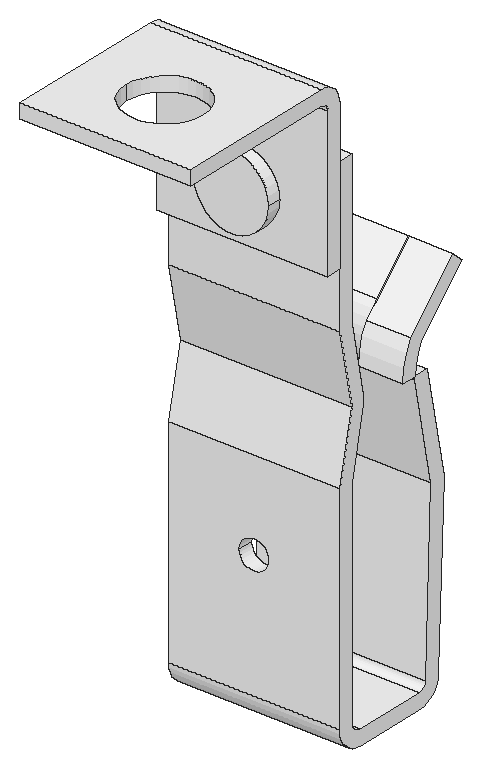
Revit family "フリーハンガー", category 機械設備, Revit 2020
Family settings
  丸型コネクタ寸法 = 直径を使用
  種別 = なし
  パーツ タイプ = 標準
  作業面ベース = いいえ
  常に垂直 = はい
  ロード時にボイドで切り取り = いいえ
  共有 = いいえ
  部屋計算ポイント = いいえ
Parameters
  製造元 = "株式会社桐井製作所"
  既定の高さ = 0 mm
  URL = "https://www.kirii.co.jp/"
  K_角度 [instance] = 90.00°
  K_材質 = "SGHC　一般用"
  K_品名 = "フリーハンガー"
  K_名称 = "その他ハンガー"
  K_入数 = "250"
  K_バージョン情報 = "20211012"
  K_めっき付着量 = "Z12"
  K_JIS規格 = "JIS G 3302"
Reference planes
  plane 1 "中心(正面/背面)": y = 0
  plane 2: z = 0
  plane 3 "中心(左/右)": x = 0
Forms (mm)
  Extrusion 1, solid
    sketch origin (0, -3.2, 0) x (0, 1, 0) y (0, 0, 1)
      loop
        line (3.2, -7) -> (3.2, 13)
        arc (3.2, 13) -> (2.321, 15.121) -> (0.2, 16) r 3
        line (0.2, 16) -> (-21.8, 16) -> (-21.8, 14) -> (0.2, 14)
        arc (0.2, 14) -> (0.907, 13.707) -> (1.2, 13) r 1
        line (1.2, 13) -> (1.2, -7) -> (3.2, -7)
    from -11.5 to 11.5
  Extrusion 2, solid
    sketch origin (0, 0, 0) x (1, 0, 0) y (0, 0, 1)
      loop
        circle (0, 0) r 5
    from 2 to 3.8
  Extrusion 3, void
    sketch origin (0, 1.737, 2) x (1, 0, 0) y (0, 1, 0)
      loop
        circle (0, -16.737) r 5.25
    from 12 to 14
Cuts and joins
  Extrusion 3 cuts Extrusion 1
  Extrusion 3 cuts Extrusion 2
  joined: Extrusion 1, Extrusion 2
Dimensions and locks
  "K_角度": angle nested 1 to plane 2
  aligned and locked: level to plane 2
Automatic sketch dimensions
  Extrusion 1 sketch curve to Extrusion 1 sketch curve = 0 mm  (x2)
  Extrusion 1 sketch curve to plane 1 "中心(正面/背面)" = 0 mm
  plane 1 "中心(正面/背面)" to Extrusion 1 sketch curve = 2 mm
  Extrusion 1 sketch curve to Extrusion 1 sketch curve = 1 mm
  Extrusion 1 sketch curve to Extrusion 1 sketch curve = 22 mm
  Extrusion 1 sketch curve to level = 7 mm
  level to Extrusion 1 sketch curve = 13 mm
  Extrusion 2 sketch curve to level = 0 mm
  Extrusion 2 sketch curve to plane 3 "中心(左/右)" = 0 mm
  Extrusion 3 sketch curve to plane 3 "中心(左/右)" = 0 mm
  plane 1 "中心(正面/背面)" to Extrusion 3 sketch curve = 15 mm
  radius of Extrusion 2 sketch curve = 5 mm
  radius of Extrusion 3 sketch curve = 5.25 mm
Nested families
  nested 1: "フリーハンガー下部金具" at (0, 2, 0), type "フリーハンガー下部金具"
Definition of nested family "フリーハンガー下部金具"
  Parameters (values of type "フリーハンガー下部金具")
    Manufacturer = "株式会社桐井製作所"
    Default Elevation = 0 mm
    URL = "https://www.kirii.co.jp/"
    K_名称 = "フリーハンガー下部金具"
    K_バージョン情報 = "20211012"
  Reference planes
    plane 1 "中心(正面/背面)": y = 0
    plane 2: z = 0
    plane 3 "中心(左/右)": x = 0
  Forms (mm)
    Extrusion 1, void
      sketch origin (0, -0.026, -64) x (1, 0, 0) y (0, 1, 0)
        loop
          line (-11.5, 19.214) -> (-11.5, 7.685) -> (-5.5, 7.685) -> (-5.5, 19.214) -> (-11.5, 19.214)
        loop
          line (5.5, 19.167) -> (5.5, 7.685) -> (11.5, 7.685) -> (11.5, 19.167) -> (5.5, 19.167)
      from 38.5 to 51.506
    Extrusion 2, solid
      sketch origin (0, 0, -64) x (1, 0, 0) y (0, 0, 1)
        loop
          circle (0, 63.915) r 3.5
      from -3.4 to 0
    Extrusion 3, void
      sketch origin (0, 0, -64) x (1, 0, 0) y (0, 0, 1)
        loop
          circle (0, 18.509) r 2
      from 0 to 2
    Extrusion 4, solid
      sketch origin (0, 0, -64) x (0, 1, 0) y (0, 0, 1)
        loop
          line (11.537, 0) -> (1.5, 0)
          arc (1.5, 0) -> (0.439, 0.439) -> (0, 1.5) r 1.5
          line (0, 1.5) -> (0, 30.372)
          arc (0, 30.372) -> (0.758, 34.673) -> (1.904, 38.888) r 48
          arc (1.904, 38.888) -> (2, 39.489) -> (1.911, 40.09) r 2
          arc (1.911, 40.09) -> (0.715, 44.795) -> (0, 49.596) r 48
          line (0, 49.596) -> (0, 70) -> (-2, 70) -> (-2, 49.5)
          arc (-2, 49.5) -> (-1.256, 44.449) -> (0, 39.5) r 50
          arc (0, 39.5) -> (-1.208, 35.046) -> (-2, 30.5) r 50
          line (-2, 30.5) -> (-2, 1.5)
          arc (-2, 1.5) -> (-0.975, -0.975) -> (1.5, -2) r 3.5
          line (1.5, -2) -> (11.611, -2)
          arc (11.611, -2) -> (13.692, -1.161) -> (14.609, 0.887) r 3
          line (14.609, 0.887) -> (15.494, 24.352) -> (12.637, 38.667)
          arc (12.637, 38.667) -> (12.017, 41.323) -> (13.197, 43.782) r 4.11
          line (13.197, 43.782) -> (18.5, 49.086) -> (17.086, 50.5) -> (11.823, 45.237)
          arc (11.823, 45.237) -> (10.103, 41.854) -> (10.709, 38.107) r 6.121
          line (10.709, 38.107) -> (13.425, 24.5) -> (12.536, 0.962)
          arc (12.536, 0.962) -> (12.231, 0.28) -> (11.537, 0) r 1
      from -11.5 to 11.5
    Extrusion 5, void
      sketch origin (0, 0.563, 0) x (1, 0, 0) y (0, 1, 0)
        loop
          circle (0, 6.038) r 2
      from -66 to -64
    Extrusion 6, void
      sketch origin (0, 3.144, -63.3) x (1, 0, 0) y (0, 1, 0)
        loop
          line (-5.5, 15.751) -> (-5.5, 4.568) -> (5.5, 4.568) -> (5.5, 15.751) -> (-5.5, 15.751)
      from 36.947 to 50.02
    Extrusion 7, solid
      sketch origin (0, 3.014, -63.3) x (0, 1, 0) y (0, 0, 1)
        loop
          line (15.5, 48.4) -> (14.072, 49.8) -> (7.001, 42.729)
          arc (7.001, 42.729) -> (6.024, 40.35) -> (5.686, 37.8) r 10
          line (5.686, 37.8) -> (7.686, 37.8)
          arc (7.686, 37.8) -> (7.925, 39.714) -> (8.615, 41.515) r 8
          line (8.615, 41.515) -> (15.5, 48.4)
      from -11.5 to 11.5
  Cuts and joins
    Extrusion 3, Extrusion 5 cuts Extrusion 2
    Extrusion 1, Extrusion 3, Extrusion 5 cuts Extrusion 4
    joined: Extrusion 2, Extrusion 4
    Extrusion 6 cuts Extrusion 7
  Dimensions and locks
    aligned and locked: level to plane 2
